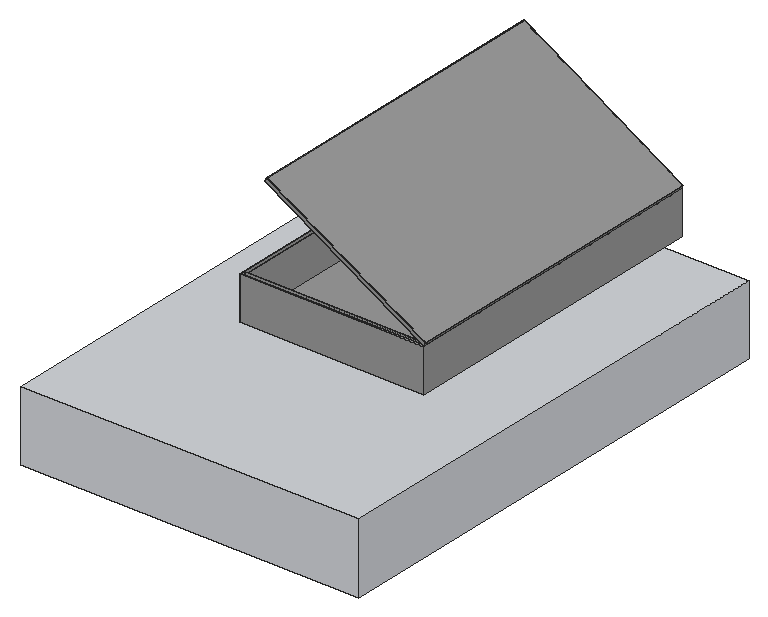
Revit family "Hager-Univers-IP54-D205-H1400-Cl.II-Encl-PL-pl", category Equipement électrique, Revit 2020
Family settings
  Hôte = Face
  Configuration du panneau = Deux colonnes, circuits au sein
  Cote de connecteur circulaire = Utiliser le diamètre
  Type d'élément = Tableau de raccordement
  Couper avec des vides une fois chargée = Non
  Partagée = Non
  Point de calcul de pièce = Non
Parameters (values of type "Montaż natynkowy IP54 S800 W1400 G205  - FP93SW2")
  Width Control [instance] = if([EF000008 - Szerokość] > Min Width, [EF000008 - Szerokość], Min Width)  # 800 mm
  Commentaires du type = [HG000003 - Zakres]  # "Univers"
  Thickness Door [instance] = if([EF009171 - Drzwi/pokrywa z materiału o wysokiej wytrzymałości mechanicznej] > 3 mm, 3 mm, [EF009171 - Drzwi/pokrywa z materiału o wysokiej wytrzymałości mechanicznej])  # 1 mm
  Seal Frame Offset [instance] = 17 mm  # constant formula
  Plinth Visibility [instance] = [HG000027 - Wysokość cokołu] > 0 mm  # no
  Model = ""
  Min Width [instance] = 100 mm  # constant formula
  Min Height [instance] = 100 mm  # constant formula
  Min Depth [instance] = (2 * [EF009170 - Obudowa z materiału o wysokiej wytrzymałości mechanicznej]) + 1 mm  # 3 mm
  Internal Frame Depth [instance] = (Door System Depth * 0.5)  # 9 mm
  Height Control [instance] = if([EF000040 - Wysokość] > Min Height, [EF000040 - Wysokość], Min Height)  # 1400 mm
  HG000027 - Wysokość cokołu = 0 mm
  HG000026 - Stojąca = no
  HG000024 - Wysokość części dolnej = 800 mm
  HG000023 - Obudowa dwusekcyjna = no
  HG000016 - Widoczność drzwi w widoku 3D [instance] = yes
  HG000015 - Przestrzeń robocza - otwarcie drzwi [instance] = no
  HG000014 - Drzwi prawe [instance] = yes
  HG000013 - Drzwi lewe [instance] = not([HG000014 - Drzwi prawe])  # no
  HG000012 - Kąt otwarcia drzwi [instance] = 30.00°
  HG000010 - Drzwi asymetryczne = no
  HG000009 - Drzwi dwuskrzydłowe = no
  HG000006 - Montaż podtynkowy = no
  HG000004 - Referencja producenta = "FP93SW2"
  HG000003 - Zakres = "Univers"
  HG000002 - Z drzwiami lub pokrywą = yes
  Frame Offset Bottom [instance] = 10 mm  # constant formula
  Frame Offset [instance] = 15 mm  # constant formula
  EF015940 - Pokrywa z wyzwalaczem nadciśnieniowym = no
  EF011959 - Stopień ochrony (NEMA) = ""
  EF009554 - Liczba otworów pod flansze = 6
  Fabricant = "Hager"  # constant formula
  EF009212 - Wykonanie pokrywy = "EV000116 - Zamknięty"
  EF009171 - Drzwi/pokrywa z materiału o wysokiej wytrzymałości mechanicznej = 1 mm
  EF009170 - Obudowa z materiału o wysokiej wytrzymałości mechanicznej = 1 mm
  EF008873 - Prąd znamionowy (In) = 250 A
  EF007800 - Do ochrony odgromowej = no
  EF006306 - Z zamkiem = no
  EF006244 - Transparentna pokrywa/drzwi = no
  EF005474 - Stopień ochrony (IP) = "EV006419 - IP54"
  EF004464 - Rodzaj drzwi = "EV002646 - Pojedynczy"
  EF004427 - Liczba modułów = 324
  EF004293 - Odporność udarowa = "EV006815 - IK09"
  EF003532 - Do zastosowań zewnętrznych = no
  EF002950 - Szerokość wyrażona liczbą modułów = 36
  EF001613 - Podtrzymanie funkcji = "EV000494 - Brak"
  EF001596 - Materiał obudowy = "EV000179 - Stal"
  EF001131 - Głębokość wewnętrzna = 130 mm
  EF001088 - Możliwość rozbudowy = yes
  EF000437 - Liczba wejść kablowych = 6
  EF000339 - Rodzaj pokrywy = "EV004216 - Drzwi"
  EF000266 - Liczba rzędów = 9
  EF000218 - Głębokość wbudowania = 205 mm
  EF000118 - Z płytą montażową = no
  EF000116 - Numer RAL = "9010"
  EF000049 - Głębokość = 205 mm
  EF000040 - Wysokość = 1400 mm
  EF000008 - Szerokość = 800 mm
  EF000007 - Kolor = "EV000202 - Biały"
  EF000003 - Sposób montażu = "EV000384 - Montaż natynkowy"
  Door System Leaf Tolerance [instance] = 1.5 mm  # constant formula
  Door System Depth [instance] = 18 mm  # constant formula
  Door Height [instance] = Height Control - [HG000027 - Wysokość cokołu]  # 1400 mm
  Depth Control [instance] = if([EF000049 - Głębokość] > Min Depth, [EF000049 - Głębokość], Min Depth)  # 205 mm
  Default Elevation = 0 mm
  Connector Offset [instance] = Height Control / 2  # 700 mm
  Bottom Top Plate Trim [instance] = 1.5 mm  # constant formula
  Plinth height Ctrl [instance] = if([HG000027 - Wysokość cokołu] > 0 mm, [HG000027 - Wysokość cokołu], 12 mm)  # 12 mm
Types (5, lengths in mm): name | Width Control | HG000010 - Drzwi asymetryczne | HG000009 - Drzwi dwuskrzydłowe | HG000004 - Referencja producenta | EF009554 - Liczba otworów pod flansze | EF004464 - Rodzaj drzwi | EF004427 - Liczba modułów | EF002950 - Szerokość wyrażona liczbą modułów | EF000437 - Liczba wejść kablowych | EF000008 - Szerokość
  Montaż natynkowy IP54 S1050 W1400 G205  - FP94SW2 | 1050 | no | yes | "FP94SW2" | 8 | "EV003602 - Podwójny" | 432 | 48 | 8 | 1050
  Montaż natynkowy IP54 S1300 W1400 G205  - FP95SW2 | 1300 | yes | yes | "FP95SW2" | 10 | "EV003602 - Podwójny" | 540 | 60 | 10 | 1300
  Montaż natynkowy IP54 S300 W1400 G205  - FP91SW2 | 300 | no | no | "FP91SW2" | 2 | "EV002646 - Pojedynczy" | 108 | 12 | 2 | 300
  Montaż natynkowy IP54 S550 W1400 G205  - FP92SW2 | 550 | no | no | "FP92SW2" | 4 | "EV002646 - Pojedynczy" | 216 | 24 | 4 | 550
  Montaż natynkowy IP54 S800 W1400 G205  - FP93SW2 | 800 | no | no | "FP93SW2" | 6 | "EV002646 - Pojedynczy" | 324 | 36 | 6 | 800
Reference planes
  plane 1 "Center (Front/Back)": y = 0
  plane 2: z = 0
  plane 3 "Center (Left/Right)": x = 0
  plane 4: z = 205
  plane 5: y = 1
  plane 6: y = 700
  plane 7: y = 0
  plane 8: y = 1400
  plane 9: z = 0
  plane 10: x = -385
  plane 11: x = 385
  plane 12: x = 384
  plane 13: x = -384
  plane 14: y = 1399
  plane 15: x = -383
  plane 16: x = -400
  plane 17: x = 383
  plane 18: x = 400
  plane 19: x = 399
  plane 20: x = -399
  plane 21: y = 11
  plane 22: y = 1400
  plane 23: y = 1384
  plane 24: z = 187
  plane 25: z = 1
  plane 26: z = 186
  plane 27: z = 204
Forms (mm)
  Extrusion 1, solid
    sketch origin (0, 0, 0) x (1, 0, 0) y (0, 1, 0)
      loop
        line (-702.964, 1305) -> (-702.964, -811.445) -> (766.763, -811.445) -> (766.763, 1305) -> (-702.964, 1305)
    from 0 to -304.8
  Extrusion 2, solid, material "Hager_Steel_RAL7035_Light_Grey", visible <- "Plinth Visibility", detail levels medium+fine
    sketch origin (0, 0, 0) x (1, 0, 0) y (0, 1, 0)
      loop
        line (-400, 0) -> (400, 0) -> (400, 12) -> (-400, 12) -> (-400, 0)
    from 0 to 187
  Extrusion 3, solid, material "Hager_Steel_RAL7035_Light_Grey", detail levels medium+fine
    sketch origin (0, 0, 0) x (1, 0, 0) y (0, 1, 0)
      loop
        line (-400, 0) -> (400, 0) -> (400, 1400) -> (-400, 1400) -> (-400, 0)
    from 0 to 187
  Extrusion 4, void
    sketch origin (0, 0, 0) x (1, 0, 0) y (0, 1, 0)
      loop
        line (-399, 1) -> (399, 1) -> (399, 1399) -> (-399, 1399) -> (-399, 1)
    from 1 to 186
  Extrusion 5, void
    sketch origin (-381.607, -4572, 187) x (0, -1, 0) y (-1, 0, 0)
      loop
        line (-4583, 2.393) -> (-5956, 2.393) -> (-5956, -765.607) -> (-4583, -765.607) -> (-4583, 2.393)
    from 0 to 1 <- "EF009170 - Obudowa z materiału o wysokiej wytrzymałości mechanicznej"
  Extrusion 6, solid, material "Hager_Steel_RAL7035_Light_Grey", detail levels fine
    sketch origin (0, 0, 187) x (1, 0, 0) y (0, 1, 0)
      loop
        line (-384, 1384) -> (-384, 11) -> (384, 11) -> (384, 1384) -> (-384, 1384)
      loop
        line (-385, 10) -> (385, 10) -> (385, 1385) -> (-385, 1385) -> (-385, 10)
    from 0 to 9 <- "Internal Frame Depth"
  Extrusion 7, solid, material "Hager_Steel_RAL7035_Light_Grey", detail levels coarse
    sketch origin (0, 0, 0) x (1, 0, 0) y (0, 1, 0)
      loop
        line (-400, 0) -> (400, 0) -> (400, 1400) -> (-400, 1400) -> (-400, 0)
    from 0 to 205
  Sweep 8, void
    path in 3D
      loop
        line (-400, 12, 0) -> (400, 12, 0) -> (400, 12, 187) -> (-400, 12, 187) -> (-400, 12, 0)
    profile origin (-400, 12, 93.5) x (-1, 0, 0) y (0, -1, 0)
      loop
        line (0, 0) -> (0, 1.5) -> (-1.5, 1.5)
        arc (-1.5, 1.5) -> (-1.061, 0.439) -> (0, 0) r 1.5
Cuts and joins
  Extrusion 4, Extrusion 5 cuts Extrusion 3
  Sweep 8 cuts Extrusion 2
Lines and regions (mm)
  Masking region 1
    outline origin (0, 0, 0) x (1, 0, 0) y (0, 0, 1)
      loop
        line (-400, 205) -> (-400, 0) -> (400, 0) -> (400, 205) -> (-400, 205)
  Masking region 2, detail levels medium+fine
    outline origin (0, 140, 0) x (0, 1, 0) y (0, 0, 1)
      loop
        line (-140, 0) -> (1260, 0) -> (1260, 187) -> (-140, 187) -> (-140, 0)
  Masking region 3, not visible, detail levels medium+fine
    outline origin (0, 297.922, 0) x (0, 1, 0) y (0, 0, 1)
      loop
        line (413.578, 0) -> (453.578, 0) -> (453.578, 194)
        arc (453.578, 194) -> (450.649, 201.071) -> (443.578, 204) r 10
        line (443.578, 204) -> (413.578, 204) -> (413.578, 0)
  Masking region 4, detail levels coarse
    outline origin (0, 0, 180) x (0, 1, 0) y (0, 0, 1)
      loop
        line (0, -180) -> (1400, -180) -> (1400, 25) -> (0, 25) -> (0, -180)
  Masking region 5, visible <- "Plinth Visibility", detail levels medium+fine
    outline origin (0, 52.24, 12.345) x (0, 0, -1) y (0, 1, 0)
      loop
        line (10.845, -40.24) -> (-173.155, -40.24)
        arc (-173.155, -40.24) -> (-173.594, -41.301) -> (-174.655, -41.74) r 1.5
        line (-174.655, -41.74) -> (-174.655, -52.24) -> (12.345, -52.24) -> (12.345, -41.74)
        arc (12.345, -41.74) -> (11.285, -41.301) -> (10.845, -40.24) r 1.5
  Masking region 6, detail levels medium+fine
    outline origin (-381.607, -4572, 187) x (-1, 0, 0) y (0, -1, 0)
      loop
        line (18.393, -5972) -> (18.393, -4572) -> (-781.607, -4572) -> (-781.607, -5972) -> (18.393, -5972)
  Masking region 7, visible <- "Plinth Visibility", detail levels medium+fine
    outline origin (-381.607, -4727, 187) x (-1, 0, 0) y (0, -1, 0)
      loop
        arc (16.893, -4739) -> (17.332, -4737.939) -> (18.393, -4737.5) r 1.5
        line (18.393, -4737.5) -> (18.393, -4727) -> (-781.607, -4727) -> (-781.607, -4737.5)
        arc (-781.607, -4737.5) -> (-780.546, -4737.939) -> (-780.107, -4739) r 1.5
        line (-780.107, -4739) -> (16.893, -4739)
  Masking region 8, detail levels coarse
    outline origin (-442.548, -4669.526, 187) x (-1, 0, 0) y (0, -1, 0)
      loop
        line (-42.548, -6069.526) -> (-42.548, -4669.526) -> (-842.548, -4669.526) -> (-842.548, -6069.526) -> (-42.548, -6069.526)
  sketch lines
    curve 1: line (-400, 12, 187) -> (-400, 12, 0)
    curve 2: line (400, 12, 187) -> (-400, 12, 187)
    curve 3: line (400, 12, 187) -> (400, 12, 0)
    curve 4: line (-400, 12, 0) -> (400, 12, 0)
Dimensions and locks
  "Depth Control": plane 4 to Extrusion 1
  "HG000027 - Wysokość cokołu": plane 1 "Center (Front/Back)" to plane 7
  "EF009170 - Obudowa z materiału o wysokiej wytrzymałości mechanicznej": plane 5 to plane 7
  locked: connector elem to plane 3 "Center (Left/Right)"
  equal spacing: plane 8, plane 6, plane 7
  locked: connector elem to plane 6
  "EF009170 - Obudowa z materiału o wysokiej wytrzymałości mechanicznej": plane 8 to plane 14
  "EF009170 - Obudowa z materiału o wysokiej wytrzymałości mechanicznej": plane 10 to plane 13
  "EF009170 - Obudowa z materiału o wysokiej wytrzymałości mechanicznej": plane 12 to plane 11
  "Frame Offset": plane 20 to plane 13
  "Frame Offset": plane 12 to plane 19
  "EF009170 - Obudowa z materiału o wysokiej wytrzymałości mechanicznej": plane 16 to plane 20
  "EF009170 - Obudowa z materiału o wysokiej wytrzymałości mechanicznej": plane 19 to plane 18
  "Seal Frame Offset": plane 16 to plane 15
  "Seal Frame Offset": plane 17 to plane 18
  "Frame Offset Bottom": plane 21 to plane 5
  "Frame Offset": plane 14 to plane 23
  equal spacing: plane 16, plane 3 "Center (Left/Right)", plane 18
  "Width Control": plane 16 to plane 18
  "EF009170 - Obudowa z materiału o wysokiej wytrzymałości mechanicznej": plane 4 to plane 27
  "EF009170 - Obudowa z materiału o wysokiej wytrzymałości mechanicznej": plane 24 to plane 26
  "EF009170 - Obudowa z materiału o wysokiej wytrzymałości mechanicznej": plane 25 to level
  "Door System Depth": plane 4 to plane 24
  "Height Control": plane 1 "Center (Front/Back)" to Extrusion 7 sketch curve
  "Height Control": Masking region 4 sketch curve to plane 1 "Center (Front/Back)"
  "Height Control": plane 1 "Center (Front/Back)" to plane 22
  "Bottom Top Plate Trim": profile plane to Sweep 8 sketch curve
  "Bottom Top Plate Trim": Sweep 8 sketch curve to profile plane
  "Plinth height Ctrl": plane 1 "Center (Front/Back)" to Extrusion 2 sketch curve
  "Plinth height Ctrl": Masking region 5 sketch curve to plane 1 "Center (Front/Back)"
  "Plinth height Ctrl": plane 1 "Center (Front/Back)" to Masking region 7 sketch curve
  "Thickness Door": Extrusion 6 sketch curve to Extrusion 6 sketch curve  (x3)
  "Thickness Door": cut or joined group of Extrusion 3, Extrusion 4, Extrusion 5 to Extrusion 6 sketch curve
  radius of Masking region 3 sketch curve = 10 mm
  "Bottom Top Plate Trim": radius of Masking region 5 sketch curve  (x2)
  "Bottom Top Plate Trim": radius of Sweep 8 sketch curve
  "Bottom Top Plate Trim": radius of Masking region 7 sketch curve  (x2)
  aligned and locked: plane 2 to Extrusion 1
  aligned and locked: level to Extrusion 1
  aligned and locked: level to Masking region 1 sketch curve
  aligned and locked: Masking region 1 sketch curve to plane 18
  aligned and locked: Masking region 1 sketch curve to plane 16
  aligned and locked: plane 7 to Masking region 2 sketch curve
  aligned and locked: level to Masking region 3 sketch curve
  aligned and locked: Masking region 3 sketch curve to plane 27
  aligned and locked: level to Masking region 2 sketch curve
  aligned and locked: plane 1 "Center (Front/Back)" to Extrusion 2 sketch curve
  aligned and locked: Extrusion 3 sketch curve to plane 7
  aligned and locked: plane 16 to Extrusion 3 sketch curve
  aligned and locked: plane 18 to Extrusion 3 sketch curve
  aligned and locked: plane 20 to Extrusion 4 sketch curve
  aligned and locked: plane 19 to Extrusion 4 sketch curve
  aligned and locked: Extrusion 4 sketch curve to plane 5
  aligned and locked: Extrusion 4 to plane 25
  aligned and locked: plane 26 to Extrusion 4
  aligned and locked: plane 24 to Extrusion 3
  aligned and locked: Extrusion 5 sketch curve to plane 21
  aligned and locked: Extrusion 5 sketch curve to plane 13
  aligned and locked: Extrusion 5 sketch curve to plane 12
  aligned and locked: plane 18 to Extrusion 7 sketch curve
  aligned and locked: plane 1 "Center (Front/Back)" to Extrusion 7 sketch curve
  aligned and locked: plane 16 to Extrusion 7 sketch curve
  aligned and locked: plane 4 to Extrusion 7
  aligned and locked: Extrusion 7 to level
  aligned and locked: level to Masking region 4 sketch curve
  aligned and locked: Masking region 4 sketch curve to plane 1 "Center (Front/Back)"
  aligned and locked: Masking region 4 sketch curve to plane 4
  aligned and locked: nested 1 to level
  aligned and locked: nested 1 to plane 16
  aligned and locked: plane 8 to Extrusion 3 sketch curve
  aligned and locked: plane 23 to Extrusion 5 sketch curve
  aligned and locked: plane 14 to Extrusion 4 sketch curve
  aligned and locked: Masking region 2 sketch curve to plane 8
  aligned and locked: level to Masking region 5 sketch curve
  aligned and locked: plane 16 to Extrusion 2 sketch curve
  aligned and locked: plane 18 to Extrusion 2 sketch curve
  aligned and locked: Masking region 5 sketch curve to plane 24
  aligned and locked: Masking region 2 sketch curve to plane 24
  aligned and locked: plane 24 to Extrusion 2
  aligned and locked: profile plane to Sweep 8 sketch curve  (x2)
  aligned and locked: Masking region 6 sketch curve to plane 18
  aligned and locked: Masking region 6 sketch curve to plane 22
  aligned and locked: Masking region 6 sketch curve to plane 16
  aligned and locked: plane 8 to plane 22
  aligned and locked: Masking region 6 sketch curve to plane 7
  aligned and locked: Masking region 7 sketch curve to plane 16
  aligned and locked: Masking region 7 sketch curve to plane 1 "Center (Front/Back)"
  aligned and locked: Masking region 7 sketch curve to plane 18
  aligned and locked: Masking region 8 sketch curve to plane 1 "Center (Front/Back)"
  aligned and locked: Masking region 8 sketch curve to plane 18
  aligned and locked: Masking region 8 sketch curve to plane 22
  aligned and locked: Masking region 8 sketch curve to plane 16
  aligned and locked: nested 2 to plane 7
  aligned and locked: plane 3 "Center (Left/Right)" to nested 2
  aligned and locked: nested 2 to plane 24
  aligned and locked: Extrusion 6 sketch curve to cut or joined group of Extrusion 3, Extrusion 4, Extrusion 5  (x4)
Automatic sketch dimensions
  Extrusion 1 sketch curve to Extrusion 1 sketch curve = 1469.727 mm
  Extrusion 1 sketch curve to Extrusion 1 sketch curve = 2116.445 mm
  Masking region 1 sketch curve to plane 4 = 0 mm
  plane 6 to Masking region 3 sketch curve = 11.5 mm
  Masking region 3 sketch curve to Masking region 3 sketch curve = 30 mm
  Masking region 5 sketch curve to plane 1 "Center (Front/Back)" = 0 mm
Nested families
  nested 1: "Hager_Enclosure_Symbol" at (-400, 0, 0) x (1, 0, 0) z (0, -1, 0), Height <- "Depth Control", Width <- "Width Control", type "Hager_Enclosure_Symbol"
    with Width_Ctrl 800 mm, Width 800 mm, Height_Ctrl 205 mm, Height 205 mm, A_Width_Int 13.453 mm, A_Width 161.438 mm, A_Height_Ctrl 179.375 mm, A_Height 179.375 mm
  nested 2: "EC000058_Univers_Door" at (0, 0, 187) x (1, 0, 0) z (0, 1, 0), Leaf_Tolerance <- "Door System Leaf Tolerance", Angle <- "HG000012 - Kąt otwarcia drzwi", Door_Depth <- "Door System Depth", Door_Left <- "HG000013 - Drzwi lewe", Transparent <- "EF006244 - Transparentna pokrywa/drzwi", Assymetrical <- "HG000010 - Drzwi asymetryczne", Width <- "Width Control", Clearance <- "HG000015 - Przestrzeń robocza - otwarcie drzwi", Double <- "HG000009 - Drzwi dwuskrzydłowe", 3d_Door <- "HG000016 - Widoczność drzwi w widoku 3D", Lock_Visibility <- "EF006306 - Z zamkiem", Width_Ctrl <- "Width Control", Door_Right <- "HG000014 - Drzwi prawe", Door <- "HG000002 - Z drzwiami lub pokrywą", Height <- "Door Height", Thickness <- "Thickness Door", type "EC000058_Univers_Door", detail levels medium+fine
    with min_wh 3 mm, Width_Ctrl 800 mm, Width 800 mm, Transparent no, Thickness 1 mm, Seal_Material Hager_Rubber, Lock_Visibility no, Lock_Material Hager_Plastic_RAL9005_Jet_Black, Leaf_Width 800 mm, Leaf_Tolerance_External_Sides 0 mm, Leaf_Tolerance 1.5 mm, Leaf_Offset 0 mm, Leaf_Height 1397 mm, Leaf_2_Width 800 mm, Leaf_2_Offset 400 mm, Leaf_1_Width 800 mm, Leaf_1_Offset 400 mm, Height_Ctrl 1400 mm, Height 1400 mm, Glass_Material Hager_Glass, Double_Clearance_Ctrl no, Double no, Door_Right_Ctrl yes, Door_Right yes, Door_Material Hager_Steel_RAL7035_Light_Grey, Door_Left_Ctrl no, Door_Left no, Door_Depth 18 mm, Door yes, Clearance_Material Hager_Clearance, Clearance_Depth 800 mm, Clearance_Ctrl no, Clearance no, Assymetrical no, Angle 30.00°, 3d_Door yes
Connectors
  electrical at (0, 700, 0)
    settings: on plane 9, index 1, voltage 0 V, apparent load 0 VA, apparent load phase1 0 VA, apparent load phase2 0 VA, apparent load phase3 0 VA, power factor 1, load classification "Other", number of poles 1, system type 30, power factor state 1, is connector primary yes, connector utility no, sub classification motor no, connector description ""
Definition of nested family "EC000058_Univers_Door"
  Parameters (values of type "EC000058_Univers_Door")
    min_wh [instance] = (2 * Thickness) + 1 mm  # 11 mm
    Width_Ctrl [instance] = 400 mm
    Width [instance] = 500 mm
    Transparent [instance] = yes
    Thickness [instance] = 5 mm
    Seal_Material [instance] = none
    Lock_Visibility [instance] = yes
    Lock_Material [instance] = none
    Leaf_Width [instance] = if((Width_Ctrl - 2 * Leaf_Tolerance_External_Sides) > 0 mm, (Width_Ctrl - 2 * Leaf_Tolerance_External_Sides), min_wh)  # 400 mm
    Leaf_Tolerance_External_Sides [instance] = 0 mm  # constant formula
    Leaf_Tolerance [instance] = 1.5 mm
    Leaf_Offset [instance] = 0 mm  # constant formula
    Leaf_Height [instance] = if((Height_Ctrl - 2 * Leaf_Tolerance) > 0 mm, (Height_Ctrl - 2 * Leaf_Tolerance), min_wh)  # 497 mm
    Leaf_2_Width [instance] = if(and(and(Double, Assymetrical), Door_Left), (Leaf_Width / 3) - (Leaf_Tolerance / 2), if(and(and(Double, Assymetrical), Door_Right), (Leaf_Width / 3) * 2 - (Leaf_Tolerance / 2), if(and(Double, not(Assymetrical)), (Leaf_Width / 2) - Leaf_Tolerance, Leaf_Width)))  # 400 mm
    Leaf_2_Offset [instance] = if(and(Double, Assymetrical), Leaf_2_Width / 2, if(and(Double, not(Assymetrical)), Leaf_Width / 4, Leaf_Width / 2))  # 200 mm
    Leaf_1_Width [instance] = if(and(and(Double, Assymetrical), Door_Right), (Leaf_Width / 3) - (Leaf_Tolerance / 2), if(and(and(Double, Assymetrical), Door_Left), (Width / 3) * 2 - (Leaf_Tolerance / 2), if(and(Double, not(Assymetrical)), (Leaf_Width / 2) - Leaf_Tolerance, Leaf_Width)))  # 400 mm
    Leaf_1_Offset [instance] = if(and(Double, Assymetrical), Leaf_1_Width / 2, if(and(Double, not(Assymetrical)), Leaf_Width / 4, Leaf_Width / 2))  # 200 mm
    Height_Ctrl [instance] = if(Height > min_wh, Height, min_wh)  # 500 mm
    Height [instance] = 500 mm
    Glass_Material [instance] = none
    Double_Clearance_Ctrl [instance] = and(Double, Clearance)  # no
    Double [instance] = no
    Door_Right_Ctrl [instance] = and(or(Door_Right, Double), Door)  # yes
    Door_Right [instance] = yes
    Door_Material [instance] = none
    Door_Left_Ctrl [instance] = and(or(Door_Left, Double), Door)  # no
    Door_Left [instance] = no
    Door_Depth [instance] = 30 mm
    Door [instance] = yes
    Default Elevation = 1219.2 mm
    Clearance_Material [instance] = none
    Clearance_Depth [instance] = if(Leaf_1_Width > Leaf_2_Width, Leaf_1_Width, Leaf_2_Width)  # 400 mm
    Clearance_Ctrl [instance] = and(not(Double), Clearance)  # yes
    Clearance [instance] = yes
    Assymetrical [instance] = yes
    Angle [instance] = 30.00°
    3d_Door [instance] = yes
  Reference planes
    plane 1 "Center (Front/Back)": y = 0
    plane 2 "Bottom": z = 0
    plane 3 "Center (Left/Right)": x = 0
    plane 4: z = 500
    plane 5: x = -200
    plane 6: x = 200
    plane 7: z = 500
    plane 8: x = -200
    plane 9: z = 0
    plane 10: x = 200
    plane 11: y = 0
    plane 12: z = 1.5
    plane 13: x = -600
    plane 14: y = -400
    plane 15: x = 600
    plane 16: x = 0
    plane 17: x = 0
    plane 18: x = -200
    plane 19: x = 200
    plane 20: z = 498.5
  Forms (mm)
    Extrusion 1, solid, material <- "Clearance_Material", visible <- "Double_Clearance_Ctrl"
      sketch origin (1200, 0, 0) x (1, 0, 0) y (0, 0, -1)
        loop
          line (-1800, -498.5) -> (-600, -498.5) -> (-600, 0) -> (-1800, 0) -> (-1800, -498.5)
      from 0 to -400
  Dimensions and locks
    equal spacing: plane 5, plane 3 "Center (Left/Right)", plane 6
    "Width_Ctrl": plane 5 to plane 6
    "Leaf_Offset": plane 5 to plane 8
    "Leaf_Offset": plane 6 to plane 10
    "Leaf_Offset": plane 9 to level
    "Leaf_Offset": plane 4 to plane 7
    "Height_Ctrl": plane 4 to level
    "Leaf_Tolerance": plane 12 to plane 9
    locked: plane 11 to plane 1 "Center (Front/Back)"
    "Leaf_1_Offset": plane 18 to plane 16
    "Leaf_2_Offset": plane 17 to plane 19
    "Leaf_1_Width": plane 13 to plane 8
    "Leaf_2_Width": plane 10 to plane 15
    "Clearance_Depth": plane 14 to plane 1 "Center (Front/Back)"
    "Leaf_Tolerance_External_Sides": plane 8 to plane 18
    "Leaf_Tolerance_External_Sides": plane 19 to plane 10
    "Leaf_Tolerance": plane 7 to plane 20
    aligned and locked: level to plane 2 "Bottom"
    aligned and locked: nested 1 to plane 16
    aligned and locked: nested 2 to plane 17
    aligned and locked: Extrusion 1 to plane 13
    aligned and locked: plane 15 to Extrusion 1
    aligned and locked: Extrusion 1 to plane 14
    aligned and locked: plane 12 to nested 1
    aligned and locked: nested 2 to plane 12
    aligned and locked: Extrusion 1 to plane 11
    aligned and locked: plane 20 to Extrusion 1
    aligned and locked: nested 2 to plane 11
    aligned and locked: nested 1 to plane 11
  Automatic sketch dimensions
    Extrusion 1 sketch curve to level = 0 mm
    plane 5 to Extrusion 1 sketch curve = 400 mm
    plane 6 to Extrusion 1 sketch curve = 400 mm
    Extrusion 1 sketch curve to plane 4 = 1.5 mm
  Nested families
    nested 1: "EC000058_Univers_Door_Leaf" at (0, 0, 1.5), Width <- "Leaf_1_Width", visible <- "Door_Left_Ctrl", Leaf_Height <- "Leaf_Height", Angle <- "Angle", 3d_Door <- "3d_Door", Transparent <- "Transparent", Clearance Material <- "Clearance_Material", Clearance <- "Clearance_Ctrl", Door_Material <- "Door_Material", Glass_Material <- "Glass_Material", Door_Depth <- "Door_Depth", Lock_Material <- "Lock_Material", Seal_Material <- "Seal_Material", Lock_Visibility <- "Lock_Visibility", Thickness <- "Thickness", type "EC000058_Univers_Door_Leaf"
      with Width 400 mm, Transparent_Glass_Offset 30 mm, Transparent_Ctrl yes, Transparent yes, Thickness 5 mm, Standard no, Seal_Material none, Seal_D2 8 mm, Seal_D1 1 mm, Offset_Internal_Frame 10 mm, Lock_Width 20 mm, Lock_Visibility_3d yes, Lock_Visibility yes, Lock_Thickness_3 3 mm, Lock_Thickness_2 1 mm, Lock_Thickness_1 3 mm, Lock_Radius_Offset_2 16 mm, Lock_Radius_Offset_1 15 mm, Lock_Radius_2 5 mm, Lock_Radius 6 mm, Lock_Offset 5 mm, Lock_Material none, Lock_Height 80 mm, Lock_Cover_Top_Offset_2d 17 mm, Lock_Cover_Height -65 mm, Leaf_Height 497 mm, Internal_Seal_Thickness 8 mm, Internal_Seal_Depth_2 4.5 mm, Internal_Frame_Depth 25 mm, Glass_Thickness -1 mm, Glass_Offset -2 mm, Glass_Material none, Door_Material none, Door_Depth 30 mm, Clearance Material none, Clearance yes, Angle_Ctrl 30.00°, Angle 30.00°, 3d_Door yes
    nested 2: "EC000058_Univers_Door_Leaf" at (0, 0, 1.5) x (-1, 0, 0) z (0, 0, 1), Width <- "Leaf_2_Width", visible <- "Door_Right_Ctrl", Leaf_Height <- "Leaf_Height", Angle <- "Angle", 3d_Door <- "3d_Door", Transparent <- "Transparent", Clearance Material <- "Clearance_Material", Clearance <- "Clearance_Ctrl", Door_Material <- "Door_Material", Glass_Material <- "Glass_Material", Door_Depth <- "Door_Depth", Lock_Material <- "Lock_Material", Seal_Material <- "Seal_Material", Lock_Visibility <- "Lock_Visibility", Thickness <- "Thickness", type "EC000058_Univers_Door_Leaf"
      with Width 400 mm, Transparent_Glass_Offset 30 mm, Transparent_Ctrl yes, Transparent yes, Thickness 5 mm, Standard no, Seal_Material none, Seal_D2 8 mm, Seal_D1 1 mm, Offset_Internal_Frame 10 mm, Lock_Width 20 mm, Lock_Visibility_3d yes, Lock_Visibility yes, Lock_Thickness_3 3 mm, Lock_Thickness_2 1 mm, Lock_Thickness_1 3 mm, Lock_Radius_Offset_2 16 mm, Lock_Radius_Offset_1 15 mm, Lock_Radius_2 5 mm, Lock_Radius 6 mm, Lock_Offset 5 mm, Lock_Material none, Lock_Height 80 mm, Lock_Cover_Top_Offset_2d 17 mm, Lock_Cover_Height -65 mm, Leaf_Height 497 mm, Internal_Seal_Thickness 8 mm, Internal_Seal_Depth_2 4.5 mm, Internal_Frame_Depth 25 mm, Glass_Thickness -1 mm, Glass_Offset -2 mm, Glass_Material none, Door_Material none, Door_Depth 30 mm, Clearance Material none, Clearance yes, Angle_Ctrl 30.00°, Angle 30.00°, 3d_Door yes
  Definition of nested family "EC000058_Univers_Door_Leaf"
    Parameters (values of type "EC000058_Univers_Door_Leaf")
      Width [instance] = 2000 mm
      Transparent_Glass_Offset [instance] = 30 mm
      Transparent_Ctrl [instance] = and(Transparent, [3d_Door])  # yes
      Transparent [instance] = yes
      Thickness [instance] = 5 mm
      Standard [instance] = and(not(Transparent), [3d_Door])  # no
      Seal_Material [instance] = none
      Seal_D2 [instance] = 8 mm  # constant formula
      Seal_D1 [instance] = 1 mm  # constant formula
      Offset_Internal_Frame [instance] = 10 mm  # constant formula
      Lock_Width [instance] = 20 mm  # constant formula
      Lock_Visibility_3d [instance] = and(Lock_Visibility, [3d_Door])  # yes
      Lock_Visibility [instance] = yes
      Lock_Thickness_3 [instance] = 3 mm  # constant formula
      Lock_Thickness_2 [instance] = 1 mm  # constant formula
      Lock_Thickness_1 [instance] = 3 mm  # constant formula
      Lock_Radius_Offset_2 [instance] = Lock_Radius_Offset_1 + 1 mm  # 16 mm
      Lock_Radius_Offset_1 [instance] = 15 mm  # constant formula
      Lock_Radius_2 [instance] = Lock_Radius - 1 mm  # 5 mm
      Lock_Radius [instance] = 6 mm  # constant formula
      Lock_Offset [instance] = 5 mm  # constant formula
      Lock_Material [instance] = none
      Lock_Height [instance] = 80 mm  # constant formula
      Lock_Cover_Top_Offset_2d [instance] = Lock_Radius_Offset_2 + 1 mm  # 17 mm
      Lock_Cover_Height [instance] = -(Lock_Height - Lock_Radius_Offset_1)  # -65 mm
      Leaf_Height [instance] = 2720.336 mm
      Internal_Seal_Thickness [instance] = 8 mm  # constant formula
      Internal_Seal_Depth_2 [instance] = 4.5 mm  # constant formula
      Internal_Frame_Depth [instance] = if(Door_Depth - Thickness > 5 mm, Door_Depth - Thickness, 5 mm)  # 25 mm
      Glass_Thickness [instance] = if(Thickness > 15 mm, Glass_Offset + 10 mm, -1 mm)  # -1 mm
      Glass_Offset [instance] = if(Thickness > 15 mm, -(Thickness + 10 mm) / 2, -2 mm)  # -2 mm
      Glass_Material [instance] = none
      Door_Material [instance] = none
      Door_Depth [instance] = 30 mm
      Default Elevation = 0 mm
      Clearance Material [instance] = none
      Clearance [instance] = yes
      Angle_Ctrl [instance] = if(Angle > 180.00°, 180.00°, Angle)  # 90.00°
      Angle [instance] = 90.00°
      3d_Door [instance] = yes
    Reference planes
      plane 1 "Center (Front/Back)": y = 0
      plane 2: z = 0
      plane 3 "Center (Left/Right)": x = 0
      plane 4: y = 2000
      plane 5: x = -1000
      plane 6: x = 1000
      plane 7: x = -3000
      plane 8: z = 2720.336
      plane 9: z = 30
      plane 10: z = 2690.336
      plane 11: x = 970
      plane 12: x = -970
      plane 13: y = -3
      plane 14: z = 107.833
      plane 15: y = -5
      plane 16: y = -223.314
      plane 17: x = -1000
      plane 18: z = 1360.168
      plane 19: y = 30
    Forms (mm)
      Extrusion 1, solid, material <- "Clearance Material", visible <- "Clearance"
        sketch origin (0, 0, 0) x (1, 0, 0) y (0, 0, 1)
          loop
            line (-3000, 2720.336) -> (-3000, 0) -> (1000, 0) -> (1000, 2720.336) -> (-3000, 2720.336)
        from 0 to -2000
      Extrusion 2, solid, material <- "Door_Material", visible <- "Standard", detail levels medium+fine
        sketch origin (-1000, 0, 0) x (0, 1, 0) y (-1, 0, 0)
          loop
            line (0, 30) -> (0, 25) -> (2000, 25) -> (2000, 30) -> (0, 30)
        from 0 to 2720.336 <- "Leaf_Height"
      Extrusion 3, solid, material <- "Door_Material", visible <- "Transparent_Ctrl", detail levels medium+fine
        sketch origin (-1000, 0, 0) x (0, 1, 0) y (-1, 0, 0)
          loop
            line (0, 25) -> (2000, 25) -> (2000, 30) -> (0, 30) -> (0, 25)
        from 0 to 2720.336 <- "Leaf_Height"
      Extrusion 4, void
        sketch origin (-1025, 2000, 0) x (0, 1, 0) y (0, 0, -1)
          loop
            line (-30, -2690.336) -> (-30, -30) -> (-1970, -30) -> (-1970, -2690.336) -> (-30, -2690.336)
        from 0 to 5 <- "Thickness"
      Sweep 5, solid, material <- "Seal_Material", visible <- "Transparent_Ctrl", detail levels fine
        path in 3D
          loop
            line (-1025, 30, 30) -> (-1025, 30, 2690.336) -> (-1025, 1970, 2690.336) -> (-1025, 1970, 30) -> (-1025, 30, 30)
        profile origin (-1025, 1000, 30) x (1, 0, 0) y (0, 0, 1)
          loop
            line (0, 0) -> (0, -8) -> (1, -8) -> (1, 0) -> (0, 0)
      Extrusion 6, solid, material <- "Glass_Material", visible <- "Transparent_Ctrl", detail levels medium+fine
        sketch origin (-1030, 0, 0) x (0, 1, 0) y (0, 0, -1)
          loop
            line (1970, -2690.336) -> (1970, -30) -> (30, -30) -> (30, -2690.336) -> (1970, -2690.336)
        from -2 <- "Glass_Offset" to -1 <- "Glass_Thickness"
      Extrusion 7, solid, material <- "Door_Material", visible <- "3d_Door", detail levels medium+fine
        sketch origin (-1025, 2000, 0) x (0, -1, 0) y (0, 0, -1)
          loop
            line (0, -2720.336) -> (2000, -2720.336) -> (2000, 0) -> (0, 0) -> (0, -2720.336)
          loop
            line (1995, -5) -> (5, -5) -> (5, -2715.336) -> (1995, -2715.336) -> (1995, -5)
        from 0 to 25 <- "Internal_Frame_Depth"
      Sweep 8, solid, material <- "Seal_Material", visible <- "Transparent_Ctrl", detail levels fine
        path in 3D
          loop
            line (-1025, 0, 0) -> (-1025, 2000, 0) -> (-1025, 2000, 2720.336) -> (-1025, 0, 2720.336) -> (-1025, 0, 0)
        profile origin (-1025, 0, 1360.168) x (1, 0, 0) y (0, 1, 0)
          loop
            line (0, 10) -> (2.975, 10)
            arc (2.975, 10) -> (4.053, 10.447) -> (4.5, 11.525) r 1.525
            line (4.5, 11.525) -> (4.5, 16.527)
            arc (4.5, 16.527) -> (4.069, 17.569) -> (3.027, 18) r 1.473
            line (3.027, 18) -> (0, 18) -> (0, 10)
      Extrusion 9, solid, material <- "Lock_Material", visible <- "Lock_Visibility_3d", detail levels fine
        sketch origin (-1030, 0, 0) x (0, 1, 0) y (0, 0, -1)
          loop
            arc (1993.5, -1400.168) -> (1994.561, -1399.729) -> (1995, -1398.668) r 1.5
            line (1995, -1398.668) -> (1995, -1320.168) -> (1975, -1320.168) -> (1975, -1398.668)
            arc (1975, -1398.668) -> (1975.439, -1399.729) -> (1976.5, -1400.168) r 1.5
            line (1976.5, -1400.168) -> (1993.5, -1400.168)
        from 3 <- "Lock_Thickness_1" to 0
      Blend 10, solid, material <- "Lock_Material", visible <- "Lock_Visibility_3d", detail levels fine
        base sketch origin (-1033, 0, 0) x (0, 1, 0) y (0, 0, -1)
          loop
            line (1975, -1320.168) -> (1975, -1398.668)
            arc (1975, -1398.668) -> (1975.439, -1399.729) -> (1976.5, -1400.168) r 1.5
            line (1976.5, -1400.168) -> (1993.5, -1400.168)
            arc (1993.5, -1400.168) -> (1994.561, -1399.729) -> (1995, -1398.668) r 1.5
            line (1995, -1398.668) -> (1995, -1320.168) -> (1975, -1320.168)
        top sketch origin (-1033, 0, 0) x (0, 1, 0) y (0, 0, -1)
          loop
            line (1976, -1320.168) -> (1976, -1398.668)
            arc (1976, -1398.668) -> (1976.146, -1399.022) -> (1976.5, -1399.168) r 0.5
            line (1976.5, -1399.168) -> (1993.5, -1399.168)
            arc (1993.5, -1399.168) -> (1993.854, -1399.022) -> (1994, -1398.668) r 0.5
            line (1994, -1398.668) -> (1994, -1320.168) -> (1976, -1320.168)
        from 0 to 1 <- "Lock_Thickness_2"
      Blend 11, solid, material <- "Lock_Material", visible <- "Lock_Visibility_3d", detail levels fine
        base sketch origin (-1034, 0, 0) x (0, 1, 0) y (0, 0, -1)
          loop
            line (1978, -1320.168) -> (1978, -1384.168)
            arc (1978, -1384.168) -> (1985, -1391.168) -> (1992, -1384.168) r 7
            line (1992, -1384.168) -> (1992, -1320.168) -> (1978, -1320.168)
        top sketch origin (-1034, 0, 0) x (0, 1, 0) y (0, 0, -1)
          loop
            line (1991, -1320.168) -> (1979, -1320.168) -> (1979, -1383.168)
            arc (1979, -1383.168) -> (1985, -1389.168) -> (1991, -1383.168) r 6
            line (1991, -1383.168) -> (1991, -1320.168)
        from 0 to 3 <- "Lock_Thickness_3"
      Extrusion 12, solid, material <- "Lock_Material", visible <- "Lock_Visibility_3d", detail levels fine
        sketch origin (-1030, 1975, 1320.168) x (1, 0, 0) y (0, -1, 0)
          loop
            line (-7, -19) -> (-7, -1) -> (0, -1) -> (0, 0) -> (-8, 0) -> (-8, -20) -> (0, -20) -> (0, -19) -> (-7, -19)
        from 0 to -65 <- "Lock_Cover_Height"
      Extrusion 13, void
        sketch origin (-1038, 1995, 1320.168) x (-1, 0, 0) y (0, 0, -1)
          loop
            line (-5, -65) -> (0, -65) -> (-5, -60) -> (-5, -65)
        from 0 to 20 <- "Lock_Width"
      Extrusion 14, void
        sketch origin (-1038, 1975, 1320.168) x (0, -1, 0) y (0, 0, -1)
          loop
            circle (-10, -15.995) r 6
          loop
            circle (-10, -15.995) r 5
        from 0 to 2
      Extrusion 15, solid, material <- "Lock_Material", visible <- "Lock_Visibility_3d", detail levels medium
        sketch origin (-1030, 0, 0) x (0, 1, 0) y (0, 0, -1)
          loop
            arc (1993.5, -1400.168) -> (1994.561, -1399.729) -> (1995, -1398.668) r 1.5
            line (1995, -1398.668) -> (1995, -1320.168) -> (1975, -1320.168) -> (1975, -1398.668)
            arc (1975, -1398.668) -> (1975.439, -1399.729) -> (1976.5, -1400.168) r 1.5
            line (1976.5, -1400.168) -> (1993.5, -1400.168)
        from 8 to 0
    Cuts and joins
      Extrusion 4 cuts Extrusion 3
      Extrusion 13, Extrusion 14 cuts Extrusion 9
      Extrusion 14 cuts Blend 11
      Extrusion 13, Extrusion 14 cuts Extrusion 12
      joined: Extrusion 9, Blend 10, Blend 11, Extrusion 12
      Extrusion 14 cuts Extrusion 15
    Lines and regions (mm)
      Masking region 1, visible <- "Lock_Visibility", detail levels fine
        outline origin (0, 0, 0) x (0, 1, 0) y (0, 0, 1)
          loop
            line (30, 1320.168) -> (33, 1320.168) -> (33, 1400.168) -> (30, 1400.168) -> (30, 1320.168)
      Masking region 2, visible <- "Lock_Visibility", detail levels fine
        outline origin (0, 3.143, 0) x (0, 1, 0) y (0, 0, 1)
          loop
            line (29.857, 1354.168) -> (30.857, 1354.168) -> (30.857, 1366.168) -> (29.857, 1366.168) -> (29.857, 1354.168)
      Masking region 3, detail levels medium+fine
        outline origin (0, 0, 0) x (0, 1, 0) y (0, 0, 1)
          loop
            line (0, 0) -> (30, 0) -> (30, 2720.336) -> (0, 2720.336) -> (0, 0)
      Masking region 4, detail levels medium+fine
        outline origin (0, 0, 0) x (1, 0, 0) y (0, 0, 1)
          loop
            line (-1000, 2720.336) -> (-1000, 0) -> (1000, 0) -> (1000, 2720.336) -> (-1000, 2720.336)
      Masking region 5, visible <- "Lock_Visibility", detail levels fine
        outline origin (-47.116, 0, 0) x (1, 0, 0) y (0, 0, 1)
          loop
            arc (1024.616, 1399.168) -> (1023.556, 1398.729) -> (1023.116, 1397.668) r 1.5
            line (1023.116, 1397.668) -> (1023.116, 1320.168) -> (1041.116, 1320.168) -> (1041.116, 1397.668)
            arc (1041.116, 1397.668) -> (1040.677, 1398.729) -> (1039.616, 1399.168) r 1.5
            line (1039.616, 1399.168) -> (1024.616, 1399.168)
      Masking region 6, visible <- "Lock_Visibility", detail levels medium+fine
        outline origin (-25, 0, 0) x (1, 0, 0) y (0, 0, 1)
          loop
            arc (1001.5, 1400.168) -> (1000.439, 1399.729) -> (1000, 1398.668) r 1.5
            line (1000, 1398.668) -> (1000, 1320.168) -> (1020, 1320.168) -> (1020, 1398.668)
            arc (1020, 1398.668) -> (1019.561, 1399.729) -> (1018.5, 1400.168) r 1.5
            line (1018.5, 1400.168) -> (1001.5, 1400.168)
      Masking region 7, visible <- "Lock_Visibility", detail levels fine
        outline origin (-73.735, 0, 0) x (1, 0, 0) y (0, 0, 1)
          loop
            line (1051.735, 1382.168) -> (1065.735, 1382.168) -> (1065.735, 1384.168)
            arc (1065.735, 1384.168) -> (1058.735, 1391.168) -> (1051.735, 1384.168) r 7
            line (1051.735, 1384.168) -> (1051.735, 1382.168)
      Masking region 8, visible <- "Lock_Visibility", detail levels fine
        outline origin (-73.735, 0, 0) x (1, 0, 0) y (0, 0, 1)
          loop
            line (1052.735, 1382.168) -> (1064.735, 1382.168) -> (1064.735, 1383.168)
            arc (1064.735, 1383.168) -> (1058.735, 1389.168) -> (1052.735, 1383.168) r 6
            line (1052.735, 1383.168) -> (1052.735, 1382.168)
      Masking region 9, visible <- "Lock_Visibility", detail levels fine
        outline origin (-25, 0, 0) x (1, 0, 0) y (0, 0, 1)
          loop
            line (1020, 1320.168) -> (1020, 1382.168) -> (1000, 1382.168) -> (1000, 1320.168) -> (1020, 1320.168)
      Masking region 10, detail levels medium+fine
        outline origin (0, 0, 0) x (1, 0, 0) y (0, 0, 1)
          loop
            circle (985, 1335.144) r 6
      Masking region 11, detail levels fine
        outline origin (0, 0, 0) x (1, 0, 0) y (0, 0, 1)
          loop
            circle (985, 1335.144) r 5
      Masking region 12, visible <- "Lock_Visibility", detail levels fine
        outline origin (0, 12.767, 0) x (0, 1, 0) y (0, 0, 1)
          loop
            line (20.233, 1320.168) -> (21.233, 1320.168) -> (21.233, 1399.168) -> (20.233, 1400.168) -> (20.233, 1320.168)
      Masking region 13, visible <- "Lock_Visibility", detail levels fine
        outline origin (0, 13.767, -10) x (0, 1, 0) y (0, 0, 1)
          loop
            line (20.233, 1330.168) -> (23.233, 1330.168) -> (23.233, 1399.168) -> (20.233, 1402.168) -> (20.233, 1330.168)
      Masking region 14, visible <- "Lock_Visibility", detail levels fine
        outline origin (0, 12.767, -10) x (0, 1, 0) y (0, 0, 1)
          loop
            line (20.233, 1330.168) -> (25.233, 1330.168) -> (25.233, 1399.305) -> (20.233, 1394.305) -> (20.233, 1330.168)
      Masking region 15, visible <- "Lock_Visibility", detail levels medium
        outline origin (0, 0, 0) x (0, 1, 0) y (0, 0, 1)
          loop
            line (30, 1320.168) -> (38, 1320.168) -> (38, 1400.168) -> (30, 1400.168) -> (30, 1320.168)
      Masking region 16, visible <- "Lock_Visibility", detail levels fine
        outline origin (-1000, 0, 0) x (0, 1, 0) y (-1, 0, 0)
          loop
            line (1975, 30) -> (1995, 30) -> (1995, 38) -> (1975, 38) -> (1975, 30)
          loop
            line (1979, 37) -> (1976, 37) -> (1976, 34) -> (1978, 34) -> (1979, 37)
          loop
            line (1994, 37) -> (1991, 37) -> (1992, 34) -> (1994, 34) -> (1994, 37)
      Masking region 17, visible <- "Lock_Visibility", detail levels medium
        outline origin (-1000, 0, 0) x (0, 1, 0) y (-1, 0, 0)
          loop
            line (1975, 30) -> (1995, 30) -> (1995, 38) -> (1975, 38) -> (1975, 30)
      symbolic lines
        curve 1: line (1000, 0, 0) -> (-3000, 0, 0)
        curve 2: arc (1000, 0, 0) -> (-1000, 2000, 0) -> (-3000, 0, 0) r 2000
        curve 4: line (-1030, 0, 0) -> (-1030, 2000, 0)
      reference lines
        curve 3: line (-1000, 0, 0) -> (-1000, 2000, 0)
      symbolic lines, detail levels medium+fine
        curve 5: line (-1030, 2000, 0) -> (-1025, 2000, 0)
        curve 7: line (-1025, 0, 0) -> (-1030, 0, 0)
        curve 8: line (-1025, 0, 0) -> (-1000, 0, 0)
        curve 9: line (-1000, 0, 0) -> (-1000, 2000, 0)
        curve 10: line (-1000, 2000, 0) -> (-1025, 2000, 0)
      symbolic lines, detail levels fine
        curve 6: line (-1025, 2000, 0) -> (-1025, 0, 0)
      sketch lines
        curve 11: line (-1025, 0, 2720.336) -> (-1025, 0, 0)
        curve 12: line (-1025, 2000, 0) -> (-1025, 0, 0)
        curve 13: line (-1025, 2000, 2720.336) -> (-1025, 2000, 0)
        curve 14: line (-1025, 0, 2720.336) -> (-1025, 2000, 2720.336)
        curve 15: line (-1025, 1970, 30) -> (-1025, 30, 30)
        curve 16: line (-1025, 30, 30) -> (-1025, 30, 2690.336)
        curve 17: line (-1025, 1970, 2690.336) -> (-1025, 1970, 30)
        curve 18: line (-1025, 30, 2690.336) -> (-1025, 1970, 2690.336)
      symbolic lines, visible <- "Transparent", detail levels medium+fine
        curve 19: line (-970, 0, 2690.336) -> (970, 0, 2690.336)
        curve 20: line (-970, 0, 30) -> (-970, 0, 2690.336)
        curve 21: line (970, 0, 30) -> (-970, 0, 30)
        curve 22: line (970, 0, 2690.336) -> (970, 0, 30)
    Dimensions and locks
      "Width": plane 1 "Center (Front/Back)" to plane 4
      equal spacing: plane 5, plane 3 "Center (Left/Right)", plane 6
      "Width": plane 5 to plane 6
      "Width": plane 7 to plane 5
      "Leaf_Height": plane 8 to level
      "Width": curve 5 to curve 3
      "Width": curve 3 to curve 3
      plane 8 to plane 10 = 30 mm
      plane 9 to level = 30 mm
      plane 12 to plane 5 = 30 mm
      plane 6 to plane 11 = 30 mm
      Extrusion 1 to Extrusion 4 sketch curve = 30 mm
      "Transparent_Glass_Offset": curve 3 to Extrusion 4 sketch curve
      "Transparent_Glass_Offset": Extrusion 4 sketch curve to cut or joined group of Extrusion 3, Extrusion 4  (x2)
      cut or joined group of Extrusion 3, Extrusion 4 to Extrusion 6 sketch curve = 30 mm
      "Transparent_Glass_Offset": cut or joined group of Extrusion 3, Extrusion 4 to Extrusion 4 sketch curve
      "Thickness": curve 6 to curve 4
      "Thickness": Extrusion 7 sketch curve to Extrusion 7 sketch curve  (x4)
      "Door_Depth": curve 4 to curve 3
      "Offset_Internal_Frame": profile plane to Sweep 8 sketch curve
      "Internal_Seal_Thickness": Sweep 8 sketch curve to Sweep 8 sketch curve
      "Internal_Seal_Depth_2": profile plane to Sweep 8 sketch curve
      "Seal_D1": profile plane to Sweep 5 sketch curve
      "Seal_D2": profile plane to Sweep 5 sketch curve
      "Thickness": Extrusion 2 sketch curve to Extrusion 2 sketch curve
      equal spacing: Extrusion 9 sketch curve, plane 18, Extrusion 9 sketch curve  (x2)
      equal spacing: Masking region 1 sketch curve, plane 18, Masking region 1 sketch curve
      "Lock_Height": Masking region 1 sketch curve to Masking region 1 sketch curve
      "Lock_Radius": Masking region 2 sketch curve to plane 18 to Masking region 2 sketch curve
      Masking region 2 sketch curve to Masking region 1 = 1 mm
      "Door_Depth": plane 19 to plane 1 "Center (Front/Back)"
      "Lock_Thickness_1": Masking region 1 sketch curve to plane 19
      "Lock_Width": Extrusion 9 sketch curve to Extrusion 9 sketch curve
      "Lock_Height": Extrusion 9 sketch curve to Extrusion 9 sketch curve
      "Lock_Offset": cut or joined group of Extrusion 3, Extrusion 4 to Extrusion 9 sketch curve
      equal spacing: plane 8, plane 18, level
      "Lock_Radius_Offset_1": Blend 11 sketch curve to Blend 10
      locked: Blend 10 to Blend 11 sketch curve at 2  (x2)
      locked: var sketch to Blend 11 sketch curve at 1  (x2)
      "Lock_Radius_Offset_2": Blend 11 sketch curve to Blend 10
      locked: Extrusion 12 sketch curve to Extrusion 12 sketch curve at 1  (x3)
      Masking region 6 sketch curve to Masking region 6 sketch curve = 80 mm
      "Lock_Height": Masking region 6 sketch curve to Masking region 6 sketch curve
      "Lock_Width": Masking region 6 sketch curve to Masking region 6 sketch curve
      locked: Masking region 6 to Masking region 5 sketch curve at 1  (x3)
      locked: Masking region 5 to Masking region 7 sketch curve at 2  (x2)
      "Lock_Radius_Offset_1": Masking region 5 to Masking region 7 sketch curve
      "Lock_Radius_Offset_2": Masking region 5 to Masking region 8 sketch curve
      locked: Masking region 7 to Masking region 8 sketch curve at 1  (x2)
      "Lock_Cover_Top_Offset_2d": Masking region 5 to Masking region 9 sketch curve
      equal spacing: Masking region 9, Masking region 10 sketch curve, Masking region 9
      equal spacing: Masking region 9, Masking region 11 sketch curve, Masking region 9
      Extrusion 15 sketch curve to Extrusion 15 sketch curve = 80 mm
      "Lock_Width": Extrusion 15 sketch curve to Extrusion 15 sketch curve
      "Lock_Height": Extrusion 15 sketch curve to Extrusion 15 sketch curve
      equal spacing: Extrusion 15 sketch curve, plane 18, Extrusion 15 sketch curve
      "Lock_Thickness_3": Masking region 13 sketch curve to Masking region 13 sketch curve
      "Lock_Height": Masking region 12 sketch curve to Masking region 12 sketch curve
      locked: Masking region 13 sketch curve to Masking region 1 at 8
      locked: Masking region 14 sketch curve to Masking region 13 at 1
      locked: Masking region 14 sketch curve to Masking region 1 at 10.863
      "Lock_Height": Masking region 15 sketch curve to Masking region 15 sketch curve
      "Lock_Offset": Extrusion 15 sketch curve to cut or joined group of Extrusion 3, Extrusion 4
      "Lock_Offset": plane 6 to Masking region 6 sketch curve
      radius of Sweep 8 sketch curve = 1.525 mm
      radius of Sweep 8 sketch curve = 1.473 mm
      radius of Extrusion 9 sketch curve = 1.5 mm  (x2)
      "Lock_Radius": radius of Extrusion 14 sketch curve
      "Lock_Radius_2": radius of Extrusion 14 sketch curve
      "Lock_Radius": radius of Masking region 10 sketch curve
      "Lock_Radius_2": radius of Masking region 11 sketch curve
      radius of Extrusion 15 sketch curve = 1.5 mm  (x2)
      "Angle_Ctrl": angle plane 1 "Center (Front/Back)" to curve 3
      locked: Masking region 12 sketch curve to Masking region 12 sketch curve (angle 45.00°)
      locked: Masking region 13 sketch curve to Masking region 13 sketch curve (angle 45.00°)
      locked: Masking region 14 sketch curve to Masking region 14 sketch curve (angle 45.00°)
      aligned and locked: level to plane 2
      aligned and locked: Extrusion 1 to curve 1
      aligned and locked: plane 6 to Extrusion 1
      aligned and locked: Extrusion 1 to plane 1 "Center (Front/Back)"
      aligned and locked: plane 4 to Extrusion 1
      aligned and locked: plane 8 to Extrusion 1
      aligned and locked: curve 7 to Extrusion 2 sketch curve
      aligned and locked: curve 5 to Extrusion 2 sketch curve
      aligned and locked: curve 7 to Extrusion 3 sketch curve
      aligned and locked: Extrusion 3 sketch curve to curve 4
      aligned and locked: Extrusion 3 sketch curve to curve 6
      aligned and locked: Extrusion 3 sketch curve to curve 5
      aligned and locked: curve 9 to curve 3
      aligned and locked: Extrusion 7 sketch curve to cut or joined group of Extrusion 3, Extrusion 4  (x4)
      aligned and locked: plane 17 to curve 3
      aligned and locked: plane 1 "Center (Front/Back)" to curve 3
      aligned and locked: plane 17 to plane 5
      aligned and locked: Sweep 8 sketch curve to profile plane
      aligned and locked: Sweep 5 sketch curve to profile plane  (x2)
      aligned and locked: Masking region 1 to Masking region 2 sketch curve
      aligned and locked: plane 19 to Masking region 1 sketch curve
      aligned and locked: plane 1 "Center (Front/Back)" to Masking region 3 sketch curve
      aligned and locked: plane 19 to Masking region 3 sketch curve
      aligned and locked: level to Masking region 3 sketch curve
      aligned and locked: Masking region 3 sketch curve to plane 8
      aligned and locked: plane 17 to Masking region 4 sketch curve
      aligned and locked: level to Masking region 4 sketch curve
      aligned and locked: Masking region 4 sketch curve to plane 8
      aligned and locked: plane 12 to curve 20
      aligned and locked: plane 10 to curve 19
      aligned and locked: plane 11 to curve 22
      aligned and locked: curve 21 to plane 9
      aligned and locked: Extrusion 2 sketch curve to cut or joined group of Extrusion 3, Extrusion 4
      aligned and locked: Blend 10 sketch curve to Extrusion 9  (x4)
      aligned and locked: Extrusion 9 to Blend 10 sketch curve
      aligned and locked: Blend 10 to Blend 11 sketch curve
      aligned and locked: Extrusion 12 sketch curve to Blend 11
      aligned and locked: Extrusion 12 sketch curve to Extrusion 9  (x4)
      aligned and locked: Masking region 5 sketch curve to Masking region 6
      aligned and locked: Masking region 9 sketch curve to Masking region 6  (x3)
      aligned and locked: Masking region 12 sketch curve to Masking region 1
      aligned and locked: Masking region 13 sketch curve to Masking region 1
      aligned and locked: Masking region 12 to Masking region 14
      aligned and locked: Masking region 14 sketch curve to Masking region 1
      aligned and locked: Masking region 15 sketch curve to Masking region 14
      aligned and locked: Masking region 13 sketch curve to Masking region 12
      aligned and locked: Masking region 16 sketch curve to cut or joined group of Extrusion 14, Extrusion 15  (x4)
      aligned and locked: Masking region 16 sketch curve to cut or joined group of Extrusion 9, Blend 10, Blend 11, Extrusion 12, Extrusion 13, Extrusion 14  (x6)
      aligned and locked: cut or joined group of Extrusion 9, Blend 10, Blend 11, Extrusion 12, Extrusion 13, Extrusion 14 to Masking region 16 sketch curve
      aligned and locked: Masking region 17 sketch curve to cut or joined group of Extrusion 14, Extrusion 15  (x3)
      aligned and locked: Masking region 17 sketch curve to cut or joined group of Extrusion 9, Blend 10, Blend 11, Extrusion 12, Extrusion 13, Extrusion 14
      aligned and locked: Masking region 9 to Masking region 8 sketch curve
      aligned and locked: Masking region 9 to Masking region 7 sketch curve
    Automatic sketch dimensions
      plane 1 "Center (Front/Back)" to curve 2 = 0 mm
      curve 2 to plane 5 = 0 mm
      Extrusion 1 sketch curve to level = 0 mm
      Extrusion 1 sketch curve to plane 7 = 0 mm
      Extrusion 1 sketch curve to plane 6 = 0 mm
      Extrusion 1 sketch curve to plane 8 = 0 mm
      Extrusion 3 to Extrusion 6 sketch curve = 30 mm  (x4)
      Masking region 4 sketch curve to plane 6 = 0 mm
      Blend 10 sketch curve to Extrusion 9 = 1.5 mm
      Blend 10 sketch curve to Extrusion 9 = 1 mm
      Extrusion 13 sketch curve to Extrusion 12 = 0 mm  (x2)
      Extrusion 12 to Extrusion 13 sketch curve = 3 mm
      Extrusion 13 sketch curve to Extrusion 12 = 5 mm
      Extrusion 14 sketch curve to Extrusion 14 sketch curve = 0 mm  (x2)
      Extrusion 14 sketch curve to Extrusion 12 = 10 mm
      Extrusion 14 sketch curve to Extrusion 12 = 15.995 mm
      Masking region 5 sketch curve to Masking region 5 sketch curve = 1.5 mm  (x2)
      Masking region 10 sketch curve to plane 18 = 25.024 mm
      Masking region 11 sketch curve to plane 18 = 25.024 mm
      plane 19 to Masking region 14 sketch curve = 3 mm
      Masking region 16 sketch curve to Masking region 16 sketch curve = 3 mm
      curve 4 to curve 3 = 0 mm
      Blend 10 to Blend 11 sketch curve = 0 mm
      Masking region 6 sketch curve to Masking region 6 sketch curve = 1.5 mm  (x2)
      Masking region 6 sketch curve to plane 18 = 40 mm
      plane 19 to Masking region 12 sketch curve = 3 mm
      Masking region 12 sketch curve to Masking region 12 sketch curve = 1 mm
      Masking region 15 sketch curve to plane 19 = 0 mm
      Masking region 15 sketch curve to plane 18 = 40 mm
      radius of Blend 10 sketch curve to Extrusion 9 = 1 mm
Definition of nested family "Hager_Enclosure_Symbol"
  Parameters (values of type "Hager_Enclosure_Symbol")
    Width_Ctrl [instance] = if(Width > 1 mm, Width, 1 mm)  # 102.27 mm
    Width [instance] = 102.27 mm
    Height_Ctrl [instance] = if(Height > 1 mm, Height, 1 mm)  # 66.5 mm
    A_Width_Int [instance] = if(A_Width / 12 > 2 mm, A_Width / 12, 2 mm)  # 4.364 mm
    A_Width [instance] = if(A_Height_Ctrl * 0.9 > 2 mm, A_Height_Ctrl * 0.9, 2 mm)  # 52.369 mm
    A_Height_Ctrl [instance] = if(A_Height > 2 mm, A_Height, 2 mm)  # 58.188 mm
    Height [instance] = 66.5 mm
    A_Height [instance] = Height - (Height / 8)  # 58.188 mm
  Reference planes
    plane 1 "Centre (avant/arrière)": y = 0
    plane 2: z = 0
    plane 3 "Centre (gauche/droite)": x = 0
    plane 4: x = 52.369
    plane 5: y = 33.042
    plane 6: y = 41.77
    plane 7: y = 66.5
    plane 8: x = 26.184
    plane 9: y = 37.406
    plane 10: x = 102.27
    plane 11: y = 66.5
    plane 12: y = 8.313
  Lines and regions (mm)
    Filled region 1, type "Solid_Black", in view "Niveau de réf."
      outline origin (0, 0, 0) x (1, 0, 0) y (0, 1, 0)
        loop
          line (52.369, 66.5) -> (33.188, 54.536) -> (45.365, 45.006) -> (52.369, 66.5)
    Filled region 2, type "Solid_Black", in view "Niveau de réf."
      outline origin (0, 0, 0) x (1, 0, 0) y (0, 1, 0)
        loop
          line (0, 0) -> (102.27, 0) -> (102.27, 66.5) -> (0, 0)
    detail lines, in view "Niveau de réf."
      curve 1: line (0, 8.313, 0) -> (26.184, 41.77, 0)
      curve 2: line (26.184, 41.77, 0) -> (26.184, 33.042, 0)
      curve 3: line (26.184, 33.042, 0) -> (52.369, 66.5, 0)
  Dimensions and locks
    "A_Width": plane 3 "Centre (gauche/droite)" to plane 4
    equal spacing: plane 3 "Centre (gauche/droite)", plane 8, plane 4
    equal spacing: plane 6, plane 9, plane 5
    equal spacing: curve 3, Filled region 1 sketch curve, Filled region 1 sketch curve
    "Height_Ctrl": plane 1 "Centre (avant/arrière)" to plane 11
    "A_Height_Ctrl": plane 11 to plane 12
    equal spacing: plane 11, plane 9, plane 12
    "A_Width_Int": plane 6 to plane 9
    "Width_Ctrl": plane 3 "Centre (gauche/droite)" to plane 10
    angle Filled region 1 sketch curve to curve 3 = 20.00°
    angle curve 3 to Filled region 1 sketch curve = 20.00°
    locked: curve 3 to Filled region 1 sketch curve (angle 90.00°)
    aligned and locked: plane 10 to Filled region 2
    aligned and locked: plane 11 to Filled region 2 sketch curve
    aligned and locked: plane 10 to Filled region 2 sketch curve
    aligned and locked: plane 3 "Centre (gauche/droite)" to curve 1
    aligned and locked: plane 12 to curve 1
    aligned and locked: plane 7 to plane 11
  Automatic sketch dimensions
    Filled region 1 sketch curve to plane 4 = 0 mm
    Filled region 1 sketch curve to plane 7 = 0 mm
    plane 1 "Centre (avant/arrière)" to Filled region 2 sketch curve = 0 mm
    Filled region 2 sketch curve to plane 3 "Centre (gauche/droite)" = 0 mm
    curve 2 to plane 6 = 0 mm
    curve 2 to plane 8 = 0 mm
    curve 3 to plane 4 = 0 mm
    curve 2 to plane 5 = 0 mm
    curve 3 to plane 7 = 0 mm
